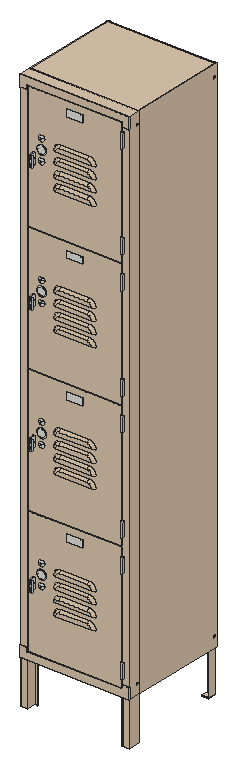
Revit family "Metal_Lockers-Salsbury_Industries-54000_Series-1_Wide_Units", category Specialty Equipment, Revit 2016
Family settings
  Part Type = Normal
  Round Connector Dimension = Use Diameter
  OmniClass Number = 23.40.00.00
  OmniClass Title = Equipment and Furnishings
  Work Plane-Based = No
  Always vertical = Yes
  Cut with Voids When Loaded = No
  Shared = No
  Room Calculation Point = No
Parameters (values of type "54165 - with Standard 6" High Legs")
  Zee Base Corner - Right Side [instance] = Metal Locker Zee Base Corner : None
  Zee Base Corner - Left Side [instance] = Metal Locker Zee Base Corner : None
  Zee Base - Right Side [instance] = Metal Locker Zee Base-Right Side : None
  Zee Base - Left Side [instance] = Metal Locker Zee Base-Left Side : None
  Zee Base = Metal Locker Zee Base : None
  Width = 15.040"
  Version = "2.0 (02/28/18)"
  Unit Height including Sloping Hood Only [instance] = 80.682"
  Unit Height = 72.000"
  URL = "www.lockers.com"
  Type Comments = "15\" Wide Standard Metal Locker - Four Tier"
  Total Door(s) Height [instance] = 69.81949"
  Sloping Top In-Line Filler - Right Side [instance] = Metal Locker Sloping Top Filler : None
  Sloping Top In-Line Filler - Left Side [instance] = Metal Locker Sloping Top Filler : None
  Sloping Top Corner Filler - Right Side [instance] = Metal Locker Sloping Corner Filler : None
  Sloping Top Corner Filler - Left Side [instance] = Metal Locker Sloping Corner Filler : None
  Sloping Hood Height = if(Depth = 15.010", 8.682", if(Depth = 18.010", 10.739", 0.000"))  # 8.682"
  Sloping Hood [instance] = Metal Locker Sloping Hood : None
  Right Side Base [instance] = Metal Locker Right Side Base : None
  Primary Structure Material [instance] = Steel - Salsbury Finish = Tan
  Overall Width including Rivets [instance] = 15.120"
  Unit Height including Base Only [instance] = 78.000"
  Overall Unit Height (including Base and Sloping Hood) [instance] = 86.682"
  OmniClass 23 Title = "Equipment and Furnishings"
  OmniClass 23 Number = "23.40.00.00"
  Model = "54165"
  MasterFormat Title = "Lockers"
  MasterFormat Number = "10 51 13"
  Manufacturer = "Salsbury Industries"
  Left Side Base [instance] = Metal Locker Left Side Base : None
  Individual Door Height = 17.360"
  Hasp Plate Rivet Material = Steel -Salsbury Finish - Polished Steel
  Hasp Handle Material = Plastic - Salsbury Finish - Black
  Front Vertical Filler - Right [instance] = Metal Locker Front Filler : None
  Front Vertical Filler - Left [instance] = Metal Locker Front Filler : None
  Front Base [instance] = Metal Locker Front Base : None
  Flat Top In-Line Filler - Right Side [instance] = Metal Locker Flat Top Filler : None
  Flat Top In-Line Filler - Left Side [instance] = Metal Locker Flat Top Filler : None
  Flat Top Corner Filler - Right Side [instance] = Metal Locker Flat Corner Filler : None
  Flat Top Corner Filler - Left Side [instance] = Metal Locker Flat Corner Filler : None
  Individual Door Width [instance] = 12.90055"
  End Panel - Right Side [instance] = Metal Locker End Panel : None
  End Panel - Left Side [instance] = Metal Locker End Panel : None
  Door Location D1 = Metal Locker Doors-15 inch with Latch Hasps : Four Tier Door - 6 foot
  Description = "1 Wide - 6 Feet High - 15 Inches Deep"
  Depth = 15.010"
  Compartment Divider Height = Individual Door Height - 0.375"  # 16.985"
  Base Height = 6.000"
  Standard Leg Base = Metal Locker Legs : 6" High - 15"W x 15"D
  Assembly Code = "C1030310"
Reference planes (in)
  plane 1 "Center (Front/Back)": y = 0
  plane 2: z = 0
  plane 3 "Center (Left/Right)": x = 0
  plane 4 "Floor": z = 0
  plane 5 "Bottom of Unit": z = 6
  plane 6 "Top of Unit": z = 78
  plane 7 "Left Side of Unit": x = -7.52
  plane 8 "Right Side of Unit": x = 7.52
  plane 9 "Back of Unit": y = 7.505
  plane 10 "Front of Unit": y = -7.505
  plane 11 "Top of Sloping Hood": z = 86.682
  plane 12 "Left Rivet": x = -7.56
  plane 13 "Right Rivet": x = 7.56
  plane 14 "Right Side of Door Opening": x = 6.52
  plane 15 "Left Side of Door Opening": x = -6.52
  plane 16 "Top of Door Opening": z = 77
  plane 17 "Bottom of Door Opening": z = 7
  plane 18 "Back Edge of Front Facing": y = -5.917
  plane 19 "Front Plate Plane": y = -7.565
  plane 20 "Horizontal Center of Top Rivets": z = 76.5
  plane 21 "Horiz Center of Bottom Rivets": z = 7.5
  plane 22 "Vertical Center of Back Rivets": y = 7.005
  plane 23 "Vertical Center of Front Rivets": y = -6.255
  plane 24 "Right Align Top Filler Overlap": x = 6.935
  plane 25 "Left Align Top Filler Overlap": x = -6.935
  plane 26 "Corner Filler Align-Left": x = -7.58
  plane 27 "Corner Filler Align-Right": x = 7.58
  plane 28 "Left Side of Door": x = -6.45029
  plane 29 "Right Side of Door": x = 6.45026
  plane 30 "Top of Door 1": z = 76.90976
  plane 31 "Bottom of Bottom Door": z = 7.09027
  plane 32 "Zee Base Offset": x = -7.169
  plane 33: x = 7.169
  plane 34 "Compartment Align 3": z = 24.985
  plane 35: x = -7.46
  plane 36: x = 7.46
  plane 37: x = -7.135
  plane 38: x = 7.135
  plane 39: y = 7.445
  plane 40: y = 7.395
  plane 41: y = 6.645
  plane 42: x = -7.4
  plane 43: x = 7.4
  plane 44: x = -6.595
  plane 45: x = 6.595
  plane 46: z = 77.94
  plane 47: z = 24.925
  plane 48: z = 23.985
  plane 49: z = 6.9204
  plane 50: z = 6.18539
  plane 51: z = 76.40796
  plane 52: z = 7.59204
  plane 53: z = 23.985
  plane 54: z = 24.45027
  plane 55: z = 24.57576
  plane 56: z = 41.93576
  plane 57: z = 42.06276
  plane 58: z = 41.43527
  plane 59: z = 42.37527
  plane 60 "Compartment Align 2": z = 42.43527
  plane 61: z = 53.72076
  plane 62: z = 59.42276
  plane 63: z = 59.54976
  plane 64: z = 58.92076
  plane 65: z = 59.86076
  plane 66 "Compartment Align 1": z = 59.92076
  plane 67: z = 71.20625
Forms (in)
  Sweep 1, solid, material "Steel - Salsbury Finish = Tan" <- "Primary Structure Material"
    path origin (0, -7.505, 0) x (1, 0, 0) y (0, 0, 1)
      loop
        line (-7.52, 78) -> (-7.52, 6) -> (7.52, 6) -> (7.52, 78) -> (-7.52, 78)
    profile origin (0, -7.505, 78) x (0, 0, 1) y (0, -1, 0)
      loop
        line (0, 0) -> (-1, 0) -> (-1, -1.588) -> (0, -1.588) -> (0, 0)
  Extrusion 2, solid, material "Steel - Salsbury Finish = Tan" <- "Primary Structure Material"
    sketch origin (0, 0, 6) x (0, -1, 0) y (1, 0, 0)
      loop
        line (5.917, 7.52) -> (-7.505, 7.52) -> (-7.505, 7.135) -> (-7.445, 7.135) -> (-7.445, 7.46) -> (5.917, 7.46) -> (5.917, 7.52)
    from 0 to 72
  Extrusion 3, solid, material "Steel - Salsbury Finish = Tan" <- "Primary Structure Material"
    sketch origin (0, 0, 6) x (0, -1, 0) y (1, 0, 0)
      loop
        line (5.917, -7.52) -> (5.917, -7.46) -> (-7.445, -7.46) -> (-7.445, -7.135) -> (-7.505, -7.135) -> (-7.505, -7.52) -> (5.917, -7.52)
    from 0 to 72
  Extrusion 4, solid, material "Steel - Salsbury Finish = Tan" <- "Primary Structure Material"
    sketch origin (0, 0, 6) x (0, -1, 0) y (1, 0, 0)
      loop
        line (-7.445, -7.46) -> (-6.645, -7.46) -> (-6.645, -7.4) -> (-7.395, -7.4) -> (-7.395, 7.4) -> (-6.645, 7.4) -> (-6.645, 7.46) -> (-7.445, 7.46) -> (-7.445, -7.46)
    from 0 to 72
  Sweep 5, solid, material "Steel - Salsbury Finish = Tan" <- "Primary Structure Material"
    path origin (0, 0, 7) x (0, -1, 0) y (1, 0, 0)
      loop
        line (5.917, -7.46) -> (5.917, 7.46) -> (-6.645, 7.46) -> (-6.645, 7.4) -> (-7.395, 7.4) -> (-7.395, -7.4) -> (-6.645, -7.4) -> (-6.645, -7.46) -> (5.917, -7.46)
    profile origin (-7.46, 0.364, 7) x (-1, 0, 0) y (0, 0, 1)
      loop
        line (0, -0.81461) -> (0, -0.0796) -> (-0.06, -0.0796) -> (-0.06, -0.81461) -> (0, -0.81461)
  Extrusion 6, solid, material "Steel - Salsbury Finish = Tan" <- "Primary Structure Material"
    sketch origin (0, 0, 7) x (0, -1, 0) y (1, 0, 0)
      loop
        line (-7.395, -7.4) -> (-6.645, -7.4) -> (-6.645, -7.46) -> (5.917, -7.46) -> (5.917, 7.46) -> (-6.645, 7.46) -> (-6.645, 7.4) -> (-7.395, 7.4) -> (-7.395, -7.4)
    from -0.0796 to 0
  Extrusion 7, solid, material "Steel - Salsbury Finish = Tan" <- "Primary Structure Material"
    sketch origin (0, 0, 78) x (0, -1, 0) y (1, 0, 0)
      loop
        line (-7.395, -7.4) -> (-6.645, -7.4) -> (-6.645, -7.46) -> (5.917, -7.46) -> (5.917, 7.46) -> (-6.645, 7.46) -> (-6.645, 7.4) -> (-7.395, 7.4) -> (-7.395, -7.4)
    from -0.06 to 0
  Extrusion 8, solid, material "Steel - Salsbury Finish = Tan" <- "Primary Structure Material"
    sketch origin (0, -7.565, 0) x (0, 0, -1) y (1, 0, 0)
      loop
        line (-78, -7.52) -> (-76.47656, -7.52)
        arc (-76.47656, -7.52) -> (-76.42806, -7.49991) -> (-76.40796, -7.4514) r 0.0686
        line (-76.40796, -7.4514) -> (-76.40796, -6.66351)
        arc (-76.40796, -6.66351) -> (-76.42809, -6.61506) -> (-76.47656, -6.595) r 0.0686
        line (-76.47656, -6.595) -> (-77, -6.595) -> (-77, 6.595) -> (-76.47656, 6.595)
        arc (-76.47656, 6.595) -> (-76.42809, 6.61506) -> (-76.40796, 6.66351) r 0.0686
        line (-76.40796, 6.66351) -> (-76.40796, 7.4514)
        arc (-76.40796, 7.4514) -> (-76.42806, 7.49991) -> (-76.47656, 7.52) r 0.0686
        line (-76.47656, 7.52) -> (-78, 7.52) -> (-78, -7.52)
    from -0.06 to 0
  Extrusion 9, solid, material "Steel - Salsbury Finish = Tan" <- "Primary Structure Material"
    sketch origin (0, -7.565, 84) x (0, 0, 1) y (-1, 0, 0)
      loop
        line (-78, 7.52) -> (-78, -7.52) -> (-76.47656, -7.52)
        arc (-76.47656, -7.52) -> (-76.42806, -7.49991) -> (-76.40796, -7.4514) r 0.0686
        line (-76.40796, -7.4514) -> (-76.40796, -6.66351)
        arc (-76.40796, -6.66351) -> (-76.42809, -6.61506) -> (-76.47656, -6.595) r 0.0686
        line (-76.47656, -6.595) -> (-77, -6.595) -> (-77, 6.595) -> (-76.47656, 6.595)
        arc (-76.47656, 6.595) -> (-76.42809, 6.61506) -> (-76.40796, 6.66351) r 0.0686
        line (-76.40796, 6.66351) -> (-76.40796, 7.4514)
        arc (-76.40796, 7.4514) -> (-76.42806, 7.49991) -> (-76.47656, 7.52) r 0.0686
        line (-76.47656, 7.52) -> (-78, 7.52)
    from -0.06 to 0
  Blend 10, solid, material "Steel -Salsbury Finish - Polished Steel" <- "Hasp Plate Rivet Material"
    base sketch origin (7.52, 0, 0) x (0, 0, -1) y (0, -1, 0)
      loop
        circle (-76.5, 6.255) r 0.187
    top sketch origin (7.52, 0, 0) x (0, 0, -1) y (0, -1, 0)
      loop
        circle (-76.5, 6.255) r 0.05319
    from 0 to -0.04
  Blend 11, solid, material "Steel -Salsbury Finish - Polished Steel" <- "Hasp Plate Rivet Material"
    base sketch origin (7.52, 0, -69) x (0, 0, -1) y (0, -1, 0)
      loop
        circle (-76.5, 6.255) r 0.187
    top sketch origin (7.52, 0, -69) x (0, 0, -1) y (0, -1, 0)
      loop
        circle (-76.5, 6.255) r 0.05319
    from 0 to -0.04
  Blend 12, solid, material "Steel -Salsbury Finish - Polished Steel" <- "Hasp Plate Rivet Material"
    base sketch origin (7.52, 10.26, -69) x (0, 0, -1) y (0, -1, 0)
      loop
        circle (-76.5, 3.255) r 0.187
    top sketch origin (7.52, 10.26, -69) x (0, 0, -1) y (0, -1, 0)
      loop
        circle (-76.5, 3.255) r 0.05319
    from 0 to -0.04
  Blend 13, solid, material "Steel -Salsbury Finish - Polished Steel" <- "Hasp Plate Rivet Material"
    base sketch origin (7.52, 10.26, 0.0043) x (0, 0, -1) y (0, -1, 0)
      loop
        circle (-76.5, 3.255) r 0.187
    top sketch origin (7.52, 10.26, 0.0043) x (0, 0, -1) y (0, -1, 0)
      loop
        circle (-76.5, 3.255) r 0.05319
    from 0 to -0.04
  Blend 14, solid, material "Steel -Salsbury Finish - Polished Steel" <- "Hasp Plate Rivet Material"
    base sketch origin (-6.02, 0, -69) x (0, 0, -1) y (0, 1, 0)
      loop
        circle (-76.5, -6.255) r 0.187
    top sketch origin (-6.02, 0, -69) x (0, 0, -1) y (0, 1, 0)
      loop
        circle (-76.5, -6.255) r 0.05319
    from -1.5 to -1.54
  Blend 15, solid, material "Steel -Salsbury Finish - Polished Steel" <- "Hasp Plate Rivet Material"
    base sketch origin (-6.02, 10.26, -69) x (0, 0, -1) y (0, 1, 0)
      loop
        circle (-76.5, -3.255) r 0.187
    top sketch origin (-6.02, 10.26, -69) x (0, 0, -1) y (0, 1, 0)
      loop
        circle (-76.5, -3.255) r 0.05319
    from -1.5 to -1.54
  Blend 16, solid, material "Steel -Salsbury Finish - Polished Steel" <- "Hasp Plate Rivet Material"
    base sketch origin (-6.02, 0, 0) x (0, 0, -1) y (0, 1, 0)
      loop
        circle (-76.5, -6.255) r 0.187
    top sketch origin (-6.02, 0, 0) x (0, 0, -1) y (0, 1, 0)
      loop
        circle (-76.5, -6.255) r 0.05319
    from -1.5 to -1.54
  Blend 17, solid, material "Steel -Salsbury Finish - Polished Steel" <- "Hasp Plate Rivet Material"
    base sketch origin (-6.02, 10.26, 0.00039) x (0, 0, -1) y (0, 1, 0)
      loop
        circle (-76.5, -3.255) r 0.187
    top sketch origin (-6.02, 10.26, 0.00039) x (0, 0, -1) y (0, 1, 0)
      loop
        circle (-76.5, -3.255) r 0.05319
    from -1.5 to -1.54
  Extrusion 18, solid, material "Steel - Salsbury Finish = Tan" <- "Primary Structure Material"
    sketch origin (0, 0, 24.985) x (0, -1, 0) y (1, 0, 0)
      loop
        line (-7.395, -7.4) -> (-6.645, -7.4) -> (-6.645, -7.46) -> (5.917, -7.46) -> (5.917, 7.46) -> (-6.645, 7.46) -> (-6.645, 7.4) -> (-7.395, 7.4) -> (-7.395, -7.4)
    from -0.06 to 0
  Sweep 19, solid, material "Steel - Salsbury Finish = Tan" <- "Primary Structure Material"
    path origin (0, 0, 24.985) x (0, -1, 0) y (1, 0, 0)
      loop
        line (5.917, -7.46) -> (5.917, 7.46) -> (-6.645, 7.46) -> (-6.645, 7.4) -> (-7.395, 7.4) -> (-7.395, -7.4) -> (-6.645, -7.4) -> (-6.645, -7.46) -> (5.917, -7.46)
    profile origin (-7.46, 0.364, 24.985) x (-1, 0, 0) y (0, 0, 1)
      loop
        line (0, -1) -> (0, -0.06) -> (-0.06, -0.06) -> (-0.06, -1) -> (0, -1)
  Extrusion 20, solid, material "Steel - Salsbury Finish = Tan" <- "Primary Structure Material"
    sketch origin (0, 0, 54.72076) x (0, -1, 0) y (1, 0, 0)
      loop
        line (-7.395, -7.4) -> (-6.645, -7.4) -> (-6.645, -7.46) -> (5.917, -7.46) -> (5.917, 7.46) -> (-6.645, 7.46) -> (-6.645, 7.4) -> (-7.395, 7.4) -> (-7.395, -7.4)
    from -12.34549 to -12.28549
  Sweep 21, solid, material "Steel - Salsbury Finish = Tan" <- "Primary Structure Material"
    path origin (0, 0, 42.43527) x (0, -1, 0) y (1, 0, 0)
      loop
        line (5.917, -7.46) -> (5.917, 7.46) -> (-6.645, 7.46) -> (-6.645, 7.4) -> (-7.395, 7.4) -> (-7.395, -7.4) -> (-6.645, -7.4) -> (-6.645, -7.46) -> (5.917, -7.46)
    profile origin (-7.46, 0.364, 42.43527) x (-1, 0, 0) y (0, 0, 1)
      loop
        line (0, -1) -> (0, -0.06) -> (-0.06, -0.06) -> (-0.06, -1) -> (0, -1)
  Extrusion 22, solid, material "Steel - Salsbury Finish = Tan" <- "Primary Structure Material"
    sketch origin (0, 0, 59.92076) x (0, -1, 0) y (1, 0, 0)
      loop
        line (-7.395, -7.4) -> (-6.645, -7.4) -> (-6.645, -7.46) -> (5.917, -7.46) -> (5.917, 7.46) -> (-6.645, 7.46) -> (-6.645, 7.4) -> (-7.395, 7.4) -> (-7.395, -7.4)
    from -0.06 to 0
  Sweep 23, solid, material "Steel - Salsbury Finish = Tan" <- "Primary Structure Material"
    path origin (0, 0, 59.92076) x (0, -1, 0) y (1, 0, 0)
      loop
        line (5.917, -7.46) -> (5.917, 7.46) -> (-6.645, 7.46) -> (-6.645, 7.4) -> (-7.395, 7.4) -> (-7.395, -7.4) -> (-6.645, -7.4) -> (-6.645, -7.46) -> (5.917, -7.46)
    profile origin (-7.46, 0.364, 59.92076) x (-1, 0, 0) y (0, 0, 1)
      loop
        line (0, -1) -> (0, -0.06) -> (-0.06, -0.06) -> (-0.06, -1) -> (0, -1)
Lines and regions (in)
  reference lines
    curve 1: line (-31.09242, -7.565, 78) -> (37.65758, -7.565, 78)
  symbolic lines
    curve 2: line (-7.52, 7.505, 78) -> (7.52, 7.505, 78)
    curve 3: line (-7.52, -7.565, 78) -> (-7.52, 7.505, 78)
    curve 4: line (7.52, -7.565, 78) -> (-7.52, -7.565, 78)
    curve 5: line (7.52, 7.505, 78) -> (7.52, -7.565, 78)
    curve 6: line (-7.56, -6.30819, 78) -> (-7.52, -6.442, 78)
    curve 7: line (-7.52, -6.068, 78) -> (-7.56, -6.20181, 78)
    curve 8: line (-7.56, -6.30819, 78) -> (-7.56, -6.20181, 78)
    curve 9: line (-7.56, 6.95181, 78) -> (-7.52, 6.81077, 78)
    curve 10: line (-7.56, 7.05819, 78) -> (-7.52, 7.18474, 78)
    curve 11: line (-7.56, 7.05819, 78) -> (-7.56, 6.95181, 78)
    curve 12: line (7.56, 7.05819, 78) -> (7.52, 7.20747, 78)
    curve 13: line (7.56, 6.95181, 78) -> (7.52, 6.8179, 78)
    curve 14: line (7.56, 7.05819, 78) -> (7.56, 6.95181, 78)
    curve 15: line (7.56, -6.20181, 78) -> (7.52, -6.07098, 78)
    curve 16: line (7.56, -6.30819, 78) -> (7.52, -6.44769, 78)
    curve 17: line (7.56, -6.20181, 78) -> (7.56, -6.30819, 78)
Dimensions and locks (in)
  equal spacing: plane 7 "Left Side of Unit", plane 3 "Center (Left/Right)", plane 8 "Right Side of Unit"
  "Width": plane 7 "Left Side of Unit" to plane 8 "Right Side of Unit"
  "Base Height": plane 5 "Bottom of Unit" to plane 4 "Floor"
  "Unit Height": plane 6 "Top of Unit" to plane 5 "Bottom of Unit"
  "Unit Height including Base Only": plane 6 "Top of Unit" to plane 4 "Floor"
  equal spacing: plane 10 "Front of Unit", plane 1 "Center (Front/Back)", plane 9 "Back of Unit"
  "Depth": plane 10 "Front of Unit" to plane 9 "Back of Unit"
  "Sloping Hood Height": plane 11 "Top of Sloping Hood" to plane 6 "Top of Unit"
  "Overall Unit Height (including Base and Sloping Hood)": plane 11 "Top of Sloping Hood" to plane 4 "Floor"
  locked: plane 12 "Left Rivet" to plane 7 "Left Side of Unit" at 0.04
  locked: plane 8 "Right Side of Unit" to plane 13 "Right Rivet" at 0.04
  "Overall Width including Rivets": plane 12 "Left Rivet" to plane 13 "Right Rivet"
  plane 6 "Top of Unit" to plane 16 "Top of Door Opening" to plane 30 "Top of Door 1" to plane 51 = 1.000" locked, 0.09024", 0.5018"
  plane 52 to plane 31 "Bottom of Bottom Door" to plane 17 "Bottom of Door Opening" to plane 5 "Bottom of Unit" = 0.50177", 0.09027", 1.000" locked
  plane 7 "Left Side of Unit" to plane 15 "Left Side of Door Opening" to plane 28 "Left Side of Door" = 1.000" locked, 0.06971"
  plane 29 "Right Side of Door" to plane 14 "Right Side of Door Opening" to plane 8 "Right Side of Unit" = 0.06974", 1.000" locked
  plane 19 "Front Plate Plane" to plane 10 "Front of Unit" to plane 18 "Back Edge of Front Facing" = 0.060" locked, 1.588" locked
  "Unit Height including Sloping Hood Only": plane 11 "Top of Sloping Hood" to plane 5 "Bottom of Unit"
  locked: plane 20 "Horizontal Center of Top Rivets" to plane 6 "Top of Unit" at 1.5
  locked: plane 5 "Bottom of Unit" to plane 21 "Horiz Center of Bottom Rivets" at 1.5
  locked: plane 22 "Vertical Center of Back Rivets" to plane 9 "Back of Unit" at 0.5
  locked: plane 10 "Front of Unit" to plane 23 "Vertical Center of Front Rivets" at 1.25
  locked: plane 24 "Right Align Top Filler Overlap" to plane 13 "Right Rivet" at 0.625
  locked: plane 12 "Left Rivet" to plane 25 "Left Align Top Filler Overlap" at 0.625
  locked: plane 8 "Right Side of Unit" to plane 27 "Corner Filler Align-Right" at 0.06
  locked: plane 26 "Corner Filler Align-Left" to plane 7 "Left Side of Unit" at 0.06
  "Individual Door Width": plane 28 "Left Side of Door" to plane 29 "Right Side of Door"
  "Total Door(s) Height": plane 30 "Top of Door 1" to plane 31 "Bottom of Bottom Door"
  plane 7 "Left Side of Unit" to plane 32 "Zee Base Offset" = 0.351"
  plane 33 to plane 8 "Right Side of Unit" = 0.351"
  plane 34 "Compartment Align 3" to plane 47 to plane 53 = 0.060" locked, 0.940" locked
  plane 7 "Left Side of Unit" to plane 35 to plane 42 to plane 37 = 0.060" locked, 0.060" locked, 0.265" locked
  plane 38 to plane 43 to plane 36 to plane 8 "Right Side of Unit" = 0.265" locked, 0.060", 0.060"
  plane 41 to plane 40 to plane 39 to plane 9 "Back of Unit" = 0.750" locked, 0.050", 0.060"
  locked: plane 7 "Left Side of Unit" to plane 44 at 0.925
  locked: plane 45 to plane 8 "Right Side of Unit" at 0.925
  locked: plane 6 "Top of Unit" to plane 46 at 0.06
  plane 47 to plane 48 = 0.940"
  locked: plane 17 "Bottom of Door Opening" to plane 49 at 0.0796
  plane 49 to plane 50 = 0.73501"
  "Compartment Divider Height": plane 53 to plane 17 "Bottom of Door Opening"
  "Individual Door Height": plane 54 to plane 31 "Bottom of Bottom Door"
  locked: plane 55 to plane 54 at 0.12549
  locked: plane 57 to plane 56 at 0.127
  "Individual Door Height": plane 56 to plane 55
  plane 60 "Compartment Align 2" to plane 59 to plane 58 = 0.060" locked, 0.940" locked
  locked: plane 63 to plane 62 at 0.127
  "Individual Door Height": plane 62 to plane 57
  "Compartment Divider Height": plane 58 to plane 54
  "Compartment Divider Height": plane 64 to plane 56
  plane 66 "Compartment Align 1" to plane 65 to plane 64 = 0.060", 0.940"
  aligned and locked: level to plane 2
  aligned and locked: Extrusion 2 to plane 6 "Top of Unit"
  aligned and locked: Extrusion 3 to plane 6 "Top of Unit"
  aligned and locked: Extrusion 4 to plane 6 "Top of Unit"
  aligned and locked: Extrusion 8 to plane 10 "Front of Unit"
  aligned and locked: Extrusion 9 to plane 10 "Front of Unit"
  aligned and locked: Extrusion 6 to plane 17 "Bottom of Door Opening"
  aligned and locked: plane 4 "Floor" to nested 2
  aligned and locked: plane 5 "Bottom of Unit" to Extrusion 9
  aligned and locked: plane 8 "Right Side of Unit" to nested 6
  aligned and locked: plane 7 "Left Side of Unit" to nested 7
  aligned and locked: Blend 10 to plane 13 "Right Rivet"
  aligned and locked: plane 8 "Right Side of Unit" to Blend 10
  aligned and locked: Blend 15 to plane 7 "Left Side of Unit"
  aligned and locked: Blend 14 to plane 7 "Left Side of Unit"  (x2)
  aligned and locked: plane 12 "Left Rivet" to Blend 14
  aligned and locked: plane 12 "Left Rivet" to Blend 15
  aligned and locked: Blend 14 to plane 12 "Left Rivet"
  aligned and locked: Blend 17 to plane 7 "Left Side of Unit"
  aligned and locked: plane 12 "Left Rivet" to Blend 17
  aligned and locked: Blend 16 to plane 7 "Left Side of Unit"
  aligned and locked: plane 12 "Left Rivet" to Blend 16
  aligned and locked: plane 5 "Bottom of Unit" to nested 10
  aligned and locked: plane 13 "Right Rivet" to nested 10
  aligned and locked: plane 12 "Left Rivet" to nested 11
  aligned and locked: nested 11 to plane 10 "Front of Unit"
  aligned and locked: plane 13 "Right Rivet" to nested 12
  aligned and locked: plane 10 "Front of Unit" to nested 12
  aligned and locked: plane 6 "Top of Unit" to nested 12
  aligned and locked: plane 12 "Left Rivet" to nested 13
  aligned and locked: plane 10 "Front of Unit" to nested 13
  aligned and locked: plane 6 "Top of Unit" to nested 13
  aligned and locked: plane 6 "Top of Unit" to nested 14
  aligned and locked: nested 14 to plane 19 "Front Plate Plane"
  aligned and locked: nested 14 to plane 24 "Right Align Top Filler Overlap"
  aligned and locked: nested 15 to plane 25 "Left Align Top Filler Overlap"
  aligned and locked: nested 15 to plane 19 "Front Plate Plane"
  aligned and locked: nested 10 to nested 15
  aligned and locked: plane 19 "Front Plate Plane" to nested 16
  aligned and locked: plane 6 "Top of Unit" to nested 16
  aligned and locked: nested 17 to plane 6 "Top of Unit"
  aligned and locked: nested 17 to plane 19 "Front Plate Plane"
  aligned and locked: plane 19 "Front Plate Plane" to nested 18
  aligned and locked: nested 19 to plane 24 "Right Align Top Filler Overlap"
  aligned and locked: nested 19 to plane 19 "Front Plate Plane"
  aligned and locked: plane 16 "Top of Door Opening" to nested 19
  aligned and locked: nested 20 to plane 16 "Top of Door Opening"
  aligned and locked: nested 20 to plane 25 "Left Align Top Filler Overlap"
  aligned and locked: nested 20 to plane 19 "Front Plate Plane"
  aligned and locked: nested 11 to plane 6 "Top of Unit"
  aligned and locked: plane 10 "Front of Unit" to nested 10
  aligned and locked: plane 10 "Front of Unit" to nested 23
  aligned and locked: plane 10 "Front of Unit" to nested 1
  aligned and locked: plane 10 "Front of Unit" to nested 2
  aligned and locked: plane 6 "Top of Unit" to nested 18
  aligned and locked: plane 7 "Left Side of Unit" to nested 17
  aligned and locked: plane 32 "Zee Base Offset" to nested 9
  aligned and locked: plane 18 "Back Edge of Front Facing" to nested 9
  aligned and locked: nested 8 to plane 18 "Back Edge of Front Facing"
  aligned and locked: plane 33 to nested 8
  aligned and locked: nested 22 to curve 1
  aligned and locked: nested 21 to curve 1
  aligned and locked: Sweep 19 sketch curve to Extrusion 18
  aligned and locked: plane 7 "Left Side of Unit" to Extrusion 3
  aligned and locked: Extrusion 3 to plane 9 "Back of Unit"
  aligned and locked: Extrusion 2 to plane 8 "Right Side of Unit"
  aligned and locked: Extrusion 2 to plane 9 "Back of Unit"
  aligned and locked: plane 18 "Back Edge of Front Facing" to Extrusion 3
  aligned and locked: plane 18 "Back Edge of Front Facing" to Extrusion 2
  aligned and locked: plane 35 to Extrusion 3
  aligned and locked: Extrusion 2 to plane 36
  aligned and locked: plane 37 to Extrusion 3
  aligned and locked: plane 38 to Extrusion 2
  aligned and locked: Extrusion 3 to plane 39
  aligned and locked: plane 39 to Extrusion 2
  aligned and locked: Extrusion 4 to plane 39
  aligned and locked: Extrusion 4 to plane 40
  aligned and locked: Extrusion 4 to plane 35
  aligned and locked: Extrusion 4 to plane 41
  aligned and locked: plane 41 to Extrusion 4
  aligned and locked: plane 42 to Extrusion 4
  aligned and locked: plane 43 to Extrusion 4
  aligned and locked: Extrusion 7 to plane 40
  aligned and locked: plane 42 to Extrusion 7
  aligned and locked: plane 35 to Extrusion 7  (x2)
  aligned and locked: plane 41 to Extrusion 7
  aligned and locked: Extrusion 7 to plane 43
  aligned and locked: Extrusion 7 to plane 41
  aligned and locked: Extrusion 7 to plane 36  (x2)
  aligned and locked: plane 18 "Back Edge of Front Facing" to Extrusion 7
  aligned and locked: plane 18 "Back Edge of Front Facing" to Extrusion 6
  aligned and locked: Extrusion 6 to plane 40
  aligned and locked: Extrusion 6 to plane 43
  aligned and locked: Extrusion 6 to plane 41
  aligned and locked: Extrusion 6 to plane 36
  aligned and locked: plane 42 to Extrusion 6
  aligned and locked: plane 41 to Extrusion 6
  aligned and locked: plane 35 to Extrusion 6
  aligned and locked: Sweep 5 to plane 40
  aligned and locked: Sweep 5 to plane 41
  aligned and locked: Sweep 5 to plane 43
  aligned and locked: Sweep 5 to plane 36
  aligned and locked: plane 18 "Back Edge of Front Facing" to Sweep 5
  aligned and locked: plane 35 to Sweep 5
  aligned and locked: plane 41 to Sweep 5
  aligned and locked: plane 42 to Sweep 5
  aligned and locked: Sweep 5 sketch curve to plane 42
  aligned and locked: Sweep 5 sketch curve to plane 40
  aligned and locked: Sweep 5 sketch curve to plane 41
  aligned and locked: Sweep 5 sketch curve to plane 35  (x2)
  aligned and locked: plane 43 to Sweep 5 sketch curve
  aligned and locked: plane 41 to Sweep 5 sketch curve
  aligned and locked: plane 36 to Sweep 5 sketch curve
  aligned and locked: Sweep 5 sketch curve to plane 18 "Back Edge of Front Facing"
  aligned and locked: Extrusion 18 to plane 40
  aligned and locked: Extrusion 18 to plane 43
  aligned and locked: Extrusion 18 to plane 41
  aligned and locked: Extrusion 18 to plane 36
  aligned and locked: plane 18 "Back Edge of Front Facing" to Extrusion 18
  aligned and locked: plane 35 to Extrusion 18
  aligned and locked: plane 41 to Extrusion 18
  aligned and locked: plane 42 to Extrusion 18
  aligned and locked: Sweep 19 sketch curve to plane 40
  aligned and locked: plane 43 to Sweep 19 sketch curve
  aligned and locked: plane 41 to Sweep 19 sketch curve
  aligned and locked: plane 36 to Sweep 19 sketch curve
  aligned and locked: Sweep 19 sketch curve to plane 18 "Back Edge of Front Facing"
  aligned and locked: Sweep 19 sketch curve to plane 35  (x2)
  aligned and locked: Sweep 19 sketch curve to plane 41
  aligned and locked: Sweep 19 sketch curve to plane 42
  aligned and locked: plane 6 "Top of Unit" to Sweep 1 sketch curve  (x2)
  aligned and locked: Sweep 1 sketch curve to plane 7 "Left Side of Unit"
  aligned and locked: plane 8 "Right Side of Unit" to Sweep 1 sketch curve
  aligned and locked: Sweep 1 sketch curve to plane 5 "Bottom of Unit"
  aligned and locked: plane 10 "Front of Unit" to Sweep 1
  aligned and locked: Extrusion 8 to plane 19 "Front Plate Plane"
  aligned and locked: plane 10 "Front of Unit" to Extrusion 8
  aligned and locked: Extrusion 8 to plane 8 "Right Side of Unit"
  aligned and locked: plane 7 "Left Side of Unit" to Extrusion 8
  aligned and locked: plane 7 "Left Side of Unit" to Extrusion 9
  aligned and locked: plane 19 "Front Plate Plane" to Extrusion 9
  aligned and locked: Extrusion 9 to plane 8 "Right Side of Unit"
  aligned and locked: plane 44 to Extrusion 9
  aligned and locked: plane 45 to Extrusion 9
  aligned and locked: plane 45 to Extrusion 8
  aligned and locked: Extrusion 8 to plane 44
  aligned and locked: plane 29 "Right Side of Door" to nested 23
  aligned and locked: plane 18 "Back Edge of Front Facing" to Sweep 1 sketch curve
  aligned and locked: Sweep 1 sketch curve to plane 16 "Top of Door Opening"
  aligned and locked: Sweep 1 sketch curve to plane 10 "Front of Unit"
  aligned and locked: plane 5 "Bottom of Unit" to Extrusion 4
  aligned and locked: Extrusion 4 to plane 36
  aligned and locked: plane 5 "Bottom of Unit" to Extrusion 3
  aligned and locked: plane 5 "Bottom of Unit" to Extrusion 2
  aligned and locked: Extrusion 7 to plane 6 "Top of Unit"
  aligned and locked: plane 46 to Extrusion 7
  aligned and locked: Extrusion 18 to plane 34 "Compartment Align 3"
  aligned and locked: plane 47 to Extrusion 18
  aligned and locked: plane 42 to Sweep 19 sketch curve
  aligned and locked: plane 48 to Sweep 19 sketch curve
  aligned and locked: plane 49 to Extrusion 6
  aligned and locked: Sweep 5 to plane 49
  aligned and locked: plane 50 to Sweep 5 sketch curve
  aligned and locked: plane 49 to Sweep 5 sketch curve
  aligned and locked: plane 42 to Sweep 5 sketch curve
  aligned and locked: plane 51 to Extrusion 8  (x2)
  aligned and locked: Extrusion 8 to plane 6 "Top of Unit"
  aligned and locked: plane 16 "Top of Door Opening" to Extrusion 8
  aligned and locked: Extrusion 9 to plane 17 "Bottom of Door Opening"
  aligned and locked: plane 52 to Extrusion 9
  aligned and locked: Extrusion 9 to plane 52
  aligned and locked: plane 4 "Floor" to nested 1
  aligned and locked: plane 8 "Right Side of Unit" to nested 1
  aligned and locked: Blend 12 to plane 13 "Right Rivet"
  aligned and locked: plane 8 "Right Side of Unit" to Blend 12
  aligned and locked: plane 8 "Right Side of Unit" to Blend 13
  aligned and locked: Blend 13 to plane 13 "Right Rivet"
  aligned and locked: plane 8 "Right Side of Unit" to Blend 11
  aligned and locked: Blend 11 to plane 13 "Right Rivet"
  aligned and locked: curve 3 to nested 22
  aligned and locked: curve 4 to Extrusion 8
  aligned and locked: curve 5 to Extrusion 8
  aligned and locked: curve 8 to Blend 14
  aligned and locked: curve 11 to Blend 15
  aligned and locked: curve 14 to Blend 12
  aligned and locked: curve 17 to Blend 10
  aligned and locked: plane 53 to Sweep 19
  aligned and locked: nested 23 to plane 31 "Bottom of Bottom Door"
  aligned and locked: plane 55 to nested 24
  aligned and locked: plane 10 "Front of Unit" to nested 24
  aligned and locked: plane 29 "Right Side of Door" to nested 24
  aligned and locked: plane 29 "Right Side of Door" to nested 25
  aligned and locked: nested 25 to plane 57
  aligned and locked: Sweep 21 sketch curve to Extrusion 20
  aligned and locked: Extrusion 20 to plane 60 "Compartment Align 2"
  aligned and locked: plane 59 to Sweep 21
  aligned and locked: Sweep 21 sketch curve to plane 58
  aligned and locked: Extrusion 20 sketch curve to plane 40
  aligned and locked: plane 35 to Extrusion 20 sketch curve
  aligned and locked: plane 42 to Extrusion 20 sketch curve
  aligned and locked: plane 41 to Extrusion 20 sketch curve
  aligned and locked: plane 18 "Back Edge of Front Facing" to Extrusion 20 sketch curve
  aligned and locked: Extrusion 20 sketch curve to plane 36
  aligned and locked: Extrusion 20 sketch curve to plane 43
  aligned and locked: Extrusion 20 sketch curve to plane 41
  aligned and locked: Sweep 21 sketch curve to plane 40
  aligned and locked: Sweep 21 sketch curve to plane 42
  aligned and locked: Sweep 21 sketch curve to plane 35
  aligned and locked: Sweep 21 sketch curve to plane 41
  aligned and locked: Sweep 21 sketch curve to plane 18 "Back Edge of Front Facing"
  aligned and locked: plane 36 to Sweep 21 sketch curve
  aligned and locked: plane 41 to Sweep 21 sketch curve
  aligned and locked: plane 43 to Sweep 21 sketch curve
  aligned and locked: plane 63 to nested 26
  aligned and locked: plane 65 to Extrusion 22
  aligned and locked: Extrusion 22 to plane 66 "Compartment Align 1"
  aligned and locked: Sweep 23 sketch curve to plane 64
  aligned and locked: plane 65 to Sweep 23 sketch curve
  aligned and locked: Sweep 23 sketch curve to plane 35
  aligned and locked: Sweep 23 sketch curve to plane 41
  aligned and locked: Sweep 23 sketch curve to plane 42
  aligned and locked: Sweep 23 sketch curve to plane 40
  aligned and locked: plane 43 to Sweep 23 sketch curve
  aligned and locked: plane 41 to Sweep 23 sketch curve
  aligned and locked: plane 36 to Sweep 23 sketch curve
  aligned and locked: Sweep 23 sketch curve to plane 18 "Back Edge of Front Facing"
  aligned and locked: Extrusion 22 to nested 5  (x2)
  aligned and locked: plane 41 to Extrusion 22
  aligned and locked: Extrusion 22 to Sweep 23  (x2)
  aligned and locked: plane 18 "Back Edge of Front Facing" to Extrusion 22
  aligned and locked: Extrusion 22 to plane 41
  aligned and locked: plane 29 "Right Side of Door" to nested 26
  aligned and locked: plane 10 "Front of Unit" to nested 26
  aligned and locked: plane 10 "Front of Unit" to nested 25
  aligned and locked: plane 9 "Back of Unit" to curve 2
  aligned and locked: Blend 14 to curve 6
  aligned and locked: plane 7 "Left Side of Unit" to nested 22
  aligned and locked: plane 14 "Right Side of Door Opening" to nested 2
  aligned and locked: plane 8 "Right Side of Unit" to nested 16
Automatic sketch dimensions
  Extrusion 2 sketch curve to plane 8 "Right Side of Unit" = 0.000"
  plane 9 "Back of Unit" to Extrusion 2 sketch curve = 0.000"
  Extrusion 2 sketch curve to plane 38 = 0.000"
  plane 39 to Extrusion 2 sketch curve = 0.000"
  plane 18 "Back Edge of Front Facing" to Extrusion 2 sketch curve = 0.000"
  Extrusion 2 sketch curve to plane 36 = 0.000"
  Extrusion 3 sketch curve to plane 7 "Left Side of Unit" = 0.000"
  plane 9 "Back of Unit" to Extrusion 3 sketch curve = 0.000"
  Extrusion 3 sketch curve to plane 37 = 0.000"
  plane 39 to Extrusion 3 sketch curve = 0.000"
  plane 18 "Back Edge of Front Facing" to Extrusion 3 sketch curve = 0.000"
  Extrusion 3 sketch curve to plane 35 = 0.000"
  Extrusion 4 sketch curve to plane 35 = 0.000"
  plane 39 to Extrusion 4 sketch curve = 0.000"
  plane 40 to Extrusion 4 sketch curve = 0.000"
  plane 41 to Extrusion 4 sketch curve = 0.000"  (x2)
  Extrusion 4 sketch curve to plane 42 = 0.000"
  Extrusion 4 sketch curve to plane 43 = 0.000"
  Extrusion 4 sketch curve to plane 36 = 0.000"
  plane 40 to Extrusion 6 sketch curve = 0.000"
  Extrusion 6 sketch curve to plane 35 = 0.000"
  plane 41 to Extrusion 6 sketch curve = 0.000"  (x2)
  plane 18 "Back Edge of Front Facing" to Extrusion 6 sketch curve = 0.000"
  Extrusion 6 sketch curve to plane 42 = 0.000"
  Extrusion 6 sketch curve to plane 43 = 0.000"
  Extrusion 6 sketch curve to plane 36 = 0.000"
  plane 40 to Extrusion 7 sketch curve = 0.000"
  Extrusion 7 sketch curve to plane 35 = 0.000"
  plane 41 to Extrusion 7 sketch curve = 0.000"  (x2)
  plane 18 "Back Edge of Front Facing" to Extrusion 7 sketch curve = 0.000"
  Extrusion 7 sketch curve to plane 42 = 0.000"
  Extrusion 7 sketch curve to plane 43 = 0.000"
  Extrusion 7 sketch curve to plane 36 = 0.000"
  Extrusion 8 sketch curve to plane 6 "Top of Unit" = 0.000"
  Extrusion 8 sketch curve to plane 16 "Top of Door Opening" = 0.000"
  plane 44 to Extrusion 8 sketch curve = 0.000"
  plane 7 "Left Side of Unit" to Extrusion 8 sketch curve = 0.000"
  plane 45 to Extrusion 8 sketch curve = 0.000"
  plane 8 "Right Side of Unit" to Extrusion 8 sketch curve = 0.000"
  Extrusion 8 sketch curve to plane 51 = 0.000"  (x2)
  plane 20 "Horizontal Center of Top Rivets" to Extrusion 8 sketch curve = 0.02344"  (x4)
  Extrusion 8 sketch curve to Extrusion 8 sketch curve = 0.0686"
  Extrusion 8 sketch curve to plane 45 = 0.06851"
  Extrusion 9 sketch curve to plane 5 "Bottom of Unit" = 0.000"
  Extrusion 9 sketch curve to plane 17 "Bottom of Door Opening" = 0.000"
  plane 44 to Extrusion 9 sketch curve = 0.000"
  plane 7 "Left Side of Unit" to Extrusion 9 sketch curve = 0.000"
  plane 45 to Extrusion 9 sketch curve = 0.000"
  plane 8 "Right Side of Unit" to Extrusion 9 sketch curve = 0.000"
  Extrusion 9 sketch curve to plane 52 = 0.000"  (x2)
  plane 21 "Horiz Center of Bottom Rivets" to Extrusion 9 sketch curve = 0.02344"  (x4)
  Extrusion 9 sketch curve to Extrusion 9 sketch curve = 0.0686"
  plane 45 to Extrusion 9 sketch curve = 0.06851"
  plane 20 "Horizontal Center of Top Rivets" to Blend 10 sketch curve = 0.000"  (x2)
  Blend 10 sketch curve to plane 23 "Vertical Center of Front Rivets" = 0.000"  (x2)
  plane 21 "Horiz Center of Bottom Rivets" to Blend 11 sketch curve = 0.000"  (x2)
  Blend 11 sketch curve to plane 23 "Vertical Center of Front Rivets" = 0.000"  (x2)
  plane 21 "Horiz Center of Bottom Rivets" to Blend 12 sketch curve = 0.000"  (x2)
  Blend 12 sketch curve to plane 22 "Vertical Center of Back Rivets" = 0.000"  (x2)
  Blend 13 sketch curve to plane 22 "Vertical Center of Back Rivets" = 0.000"  (x2)
  Blend 13 sketch curve to plane 20 "Horizontal Center of Top Rivets" = 0.0043"  (x2)
  plane 21 "Horiz Center of Bottom Rivets" to Blend 14 sketch curve = 0.000"  (x2)
  Blend 14 sketch curve to plane 23 "Vertical Center of Front Rivets" = 0.000"  (x2)
  plane 21 "Horiz Center of Bottom Rivets" to Blend 15 sketch curve = 0.000"  (x2)
  Blend 15 sketch curve to plane 22 "Vertical Center of Back Rivets" = 0.000"  (x2)
  plane 20 "Horizontal Center of Top Rivets" to Blend 16 sketch curve = 0.000"  (x2)
  Blend 16 sketch curve to plane 23 "Vertical Center of Front Rivets" = 0.000"  (x2)
  Blend 17 sketch curve to plane 22 "Vertical Center of Back Rivets" = 0.000"  (x2)
  Blend 17 sketch curve to plane 20 "Horizontal Center of Top Rivets" = 0.00039"  (x2)
  plane 19 "Front Plate Plane" to curve 1 = 0.000"
  plane 26 "Corner Filler Align-Left" to curve 1 = 23.51242"
  curve 1 to plane 27 "Corner Filler Align-Right" = 30.07758"
  plane 40 to Extrusion 18 sketch curve = 0.000"
  Extrusion 18 sketch curve to plane 35 = 0.000"
  plane 41 to Extrusion 18 sketch curve = 0.000"  (x2)
  plane 18 "Back Edge of Front Facing" to Extrusion 18 sketch curve = 0.000"
  Extrusion 18 sketch curve to plane 42 = 0.000"
  Extrusion 18 sketch curve to plane 43 = 0.000"
  Extrusion 18 sketch curve to plane 36 = 0.000"
  Sweep 21 sketch curve to profile plane = 0.000"
  Sweep 21 sketch curve to Sweep 21 sketch curve = 0.060"
  Sweep 23 sketch curve to profile plane = 0.000"
  Sweep 23 sketch curve to Sweep 23 sketch curve = 0.060"
  plane 40 to Extrusion 22 sketch curve = 0.000"
  Extrusion 22 sketch curve to plane 35 = 0.000"
  plane 41 to Extrusion 22 sketch curve = 0.000"  (x2)
  Extrusion 22 sketch curve to plane 18 "Back Edge of Front Facing" = 0.000"
  Extrusion 22 sketch curve to plane 42 = 0.000"
  plane 43 to Extrusion 22 sketch curve = 0.000"
  plane 36 to Extrusion 22 sketch curve = 0.000"
  curve 11 to plane 22 "Vertical Center of Back Rivets" = 0.05319"
  curve 14 to plane 22 "Vertical Center of Back Rivets" = 0.05319"
  plane 22 "Vertical Center of Back Rivets" to curve 9 = 0.05319"
  plane 22 "Vertical Center of Back Rivets" to curve 13 = 0.05319"
  curve 8 to plane 23 "Vertical Center of Front Rivets" = 0.05319"
  curve 17 to plane 23 "Vertical Center of Front Rivets" = 0.05319"
  plane 23 "Vertical Center of Front Rivets" to curve 8 = 0.05319"
  plane 23 "Vertical Center of Front Rivets" to curve 17 = 0.05319"
  curve 12 to curve 12 = 0.14928"
  curve 10 to plane 22 "Vertical Center of Back Rivets" = 0.17974"
  curve 13 to curve 13 = 0.13391"
  curve 9 to plane 41 = 0.16577"
  curve 7 to curve 7 = 0.13381"
  curve 15 to curve 15 = 0.13083"
  curve 6 to curve 6 = 0.13381"
  curve 16 to curve 16 = 0.1395"
  radius of Blend 10 sketch curve = 0.187"
  radius of Blend 10 sketch curve = 0.05319"
  radius of Blend 11 sketch curve = 0.187"
  radius of Blend 11 sketch curve = 0.05319"
  radius of Blend 12 sketch curve = 0.187"
  radius of Blend 12 sketch curve = 0.05319"
  radius of Blend 13 sketch curve = 0.187"
  radius of Blend 13 sketch curve = 0.05319"
  radius of Blend 14 sketch curve = 0.187"
  radius of Blend 14 sketch curve = 0.05319"
  radius of Blend 15 sketch curve = 0.187"
  radius of Blend 15 sketch curve = 0.05319"
  radius of Blend 16 sketch curve = 0.187"
  radius of Blend 16 sketch curve = 0.05319"
  radius of Blend 17 sketch curve = 0.187"
  radius of Blend 17 sketch curve = 0.05319"
Nested families (in)
  nested 1: "Metal Locker Legs" at (0, 0, 0), type <- "Standard Leg Base", type "6" High - 15"W x 15"D"
  nested 2: "Metal Locker Front Base" at (1.5, -1.5, 0), type <- "Front Base", type "None"
  nested 3: "Metal Locker Right Side Base" at (0, 0.794, 0), type <- "Right Side Base", type "None"
  nested 4: "Metal Locker Left Side Base" at (-10.79, 0.794, 0), type <- "Left Side Base", type "None"
  nested 5: "Metal Locker Zee Base" at (-1.5, 1.5, 0), type <- "Zee Base", type "None"
  nested 6: "Metal Locker Zee Base-Right Side" at (1.53, 0.824, 0), type <- "Zee Base - Right Side", type "None"
  nested 7: "Metal Locker Zee Base-Left Side" at (-9.51, 0.824, 0), type <- "Zee Base - Left Side", type "None"
  nested 8: "Metal Locker Zee Base Corner" at (8.169, -6.917, 0), type <- "Zee Base Corner - Right Side", type "None"
  nested 9: "Metal Locker Zee Base Corner" at (-8.169, -6.917, 0) x (-1, 0, 0) z (0, 0, 1), type <- "Zee Base Corner - Left Side", type "None"
  nested 10: "Metal Locker End Panel" at (11.6925, 0.667, 6), type <- "End Panel - Right Side", type "None"
  nested 11: "Metal Locker End Panel" at (-11.6925, 0.667, 6) x (-1, 0, 0) z (0, 0, 1), type <- "End Panel - Left Side", type "None"
  nested 12: "Metal Locker Front Filler" at (19.655, -4.588, 0), type <- "Front Vertical Filler - Right", type "None"
  nested 13: "Metal Locker Front Filler" at (-10.465, -4.588, 0), type <- "Front Vertical Filler - Left", type "None"
  nested 14: "Metal Locker Flat Top Filler" at (19.655, 0.613, 77.045), type <- "Flat Top In-Line Filler - Right Side", type "None"
  nested 15: "Metal Locker Flat Top Filler" at (-10.465, 0.613, 77.045), type <- "Flat Top In-Line Filler - Left Side", type "None"
  nested 16: "Metal Locker Flat Corner Filler" at (17.8025, 0.2895, 78), type <- "Flat Top Corner Filler - Right Side", type "None"
  nested 17: "Metal Locker Flat Corner Filler" at (-17.8025, 0.2895, 78) x (-1, 0, 0) z (0, 0, 1), type <- "Flat Top Corner Filler - Left Side", type "None"
  nested 18: "Metal Locker Sloping Hood" at (4.595, 0.637, 78), type <- "Sloping Hood", type "None"
  nested 19: "Metal Locker Sloping Top Filler" at (19.655, 0.613, 78.028), type <- "Sloping Top In-Line Filler - Right Side", type "None"
  nested 20: "Metal Locker Sloping Top Filler" at (-10.465, 0.613, 78.028), type <- "Sloping Top In-Line Filler - Left Side", type "None"
  nested 21: "Metal Locker Sloping Corner Filler" at (13.9095, -4.9375, 77.71202) x (0, -1, 0) z (0, 0, 1), type <- "Sloping Top Corner Filler - Right Side", type "None"
  nested 22: "Metal Locker Sloping Corner Filler" at (-8.6475, 1.8245, 77.71223), type <- "Sloping Top Corner Filler - Left Side", type "None"
  nested 23: "Metal Locker Doors-15 inch with Latch Hasps" at (-0.00024, -7.055, 7.09027), type <- "Door Location D1", type "Four Tier Door - 6 foot"
  nested 24: "Metal Locker Doors-15 inch with Latch Hasps" at (-0.00024, -7.055, 24.57576), type <- "Door Location D1", type "Four Tier Door - 6 foot"
  nested 25: "Metal Locker Doors-15 inch with Latch Hasps" at (-0.00024, -7.055, 42.06276), type <- "Door Location D1", type "Four Tier Door - 6 foot"
  nested 26: "Metal Locker Doors-15 inch with Latch Hasps" at (-0.00024, -7.055, 59.54976), type <- "Door Location D1", type "Four Tier Door - 6 foot"
Definition of nested family "Metal Locker Legs"
  Parameters (values of type "6" High - 15"W x 15"D")
    Width = 15.040"
    Visible = yes
    Version = "1.0 (11/30/15)"
    Type Comments = "Standard Metal Locker Legs"
    Primary Structure Material = none
    Model = "n/a"
    MasterFormat Title = ""
    MasterFormat Number = ""
    Manufacturer = "Salsbury Industries"
    Description = "15\"W x 6\" H x 15\"D"
    Depth = 15.010"
    Height = 6.000"
    Assembly Code = ""
  Types (7): name | Width | Visible | Type Comments | Description | Depth
    6" High - 12" W x 12" D | 12.040" | yes | "Standard Metal Locker Legs" | "12\"W x 6\" H x 12\"D" | 12.010"
    6" High - 12" W x 15" D | 12.040" | yes | "Standard Metal Locker Legs" | "12\"W x 6\" H x 15\"D" | 15.010"
    6" High - 12"W x 18"D | 12.040" | yes | "Standard Metal Locker Legs" | "12\"W x 6\" H x 18\"D" | 18.010"
    6" High - 15"W x 15"D | 15.040" | yes | "Standard Metal Locker Legs" | "15\"W x 6\" H x 15\"D" | 15.010"
    6" High - 15"W x 18"D | 15.040" | yes | "Standard Metal Locker Legs" | "15\"W x 6\" H x 18\"D" | 18.010"
    No Legs | 12.040" | no | "No Legs" | "" | 12.010"
    6" High - 12"W x 18"D - Bridge | 12.007" | yes | "Standard Metal Locker Legs - Bridge" | "12\"W x 6\" H x 18\"D" | 18.010"
  Reference planes (in)
    plane 1 "Center (Front/Back)": y = 0
    plane 2: z = 0
    plane 3 "Center (Left/Right)": x = 0
    plane 4 "Floor": z = 0
    plane 5 "Bottom of Unit": z = 6
    plane 6 "Left Side of Unit": x = -7.52
    plane 7 "Right Side of Unit": x = 7.52
    plane 8 "Back of Unit": y = 7.505
    plane 9 "Front of Unit": y = -7.505
    plane 10 "Right Side of Door Opening": x = 6.52
    plane 11 "Left Side of Door Opening": x = -6.52
    plane 12 "Top of back legs": z = 6.185
    plane 13 "Back Edge of Front Facing": y = -5.917
    plane 14 "Inside Edge of Front Leg": x = -6.08
    plane 15 "Inside Edge of Right Leg": x = 6.08
    plane 16: y = -6.32
    plane 17 "Back Edge of Rear Legs": y = 7.395
    plane 18 "Right Edge of Rear Right Leg": x = 7.4
    plane 19 "Left Edge or Rear Left Leg": x = -7.4
    plane 20: y = 6.395
    plane 21 "Inside Edge or Rear Right Leg": x = 6.4
    plane 22 "Inside Edge or Left Rear Leg": x = -6.4
  Forms (in)
    Extrusion 1, solid, material <- "Primary Structure Material", visible <- "Visible"
      sketch origin (0, 0, 0) x (0, -1, 0) y (1, 0, 0)
        loop
          line (5.917, 7.52) -> (5.917, 7.46) -> (7.445, 7.46) -> (7.445, 6.58) -> (6.26, 6.58) -> (6.26, 6.08) -> (6.32, 6.08) -> (6.32, 6.52) -> (7.505, 6.52) -> (7.505, 7.52) -> (5.917, 7.52)
      from 0 to 6
    Extrusion 2, solid, material <- "Primary Structure Material", visible <- "Visible"
      sketch origin (0, 0, 0) x (0, -1, 0) y (1, 0, 0)
        loop
          line (5.917, -7.52) -> (7.505, -7.52) -> (7.505, -6.52) -> (6.32, -6.52) -> (6.32, -6.08) -> (6.26, -6.08) -> (6.26, -6.58) -> (7.445, -6.58) -> (7.445, -7.46) -> (5.917, -7.46) -> (5.917, -7.52)
      from 0 to 6
    Extrusion 3, solid, material <- "Primary Structure Material", visible <- "Visible"
      sketch origin (0, 0, 0) x (0, -1, 0) y (1, 0, 0)
        loop
          line (-7.395, 7.4) -> (-7.395, 6.4) -> (-7.335, 6.4) -> (-7.335, 7.34) -> (-6.395, 7.34) -> (-6.395, 7.4) -> (-7.395, 7.4)
      from 0.06 to 6.185
    Extrusion 4, solid, material <- "Primary Structure Material", visible <- "Visible"
      sketch origin (0, 0, 0) x (0, -1, 0) y (1, 0, 0)
        loop
          line (-7.395, 7.4) -> (-7.395, 6.4) -> (-6.395, 6.4) -> (-6.395, 7.4) -> (-7.395, 7.4)
      from 0 to 0.06
    Extrusion 5, solid, material <- "Primary Structure Material", visible <- "Visible"
      sketch origin (0, 0, 0) x (0, -1, 0) y (1, 0, 0)
        loop
          line (-7.395, -7.4) -> (-6.395, -7.4) -> (-6.395, -7.34) -> (-7.335, -7.34) -> (-7.335, -6.4) -> (-7.395, -6.4) -> (-7.395, -7.4)
      from 0.06 to 6.185
    Extrusion 6, solid, material <- "Primary Structure Material", visible <- "Visible"
      sketch origin (0, 0, 0) x (0, -1, 0) y (1, 0, 0)
        loop
          line (-7.395, -7.4) -> (-6.395, -7.4) -> (-6.395, -6.4) -> (-7.395, -6.4) -> (-7.395, -7.4)
      from 0 to 0.06
  Dimensions and locks (in)
    equal spacing: plane 6 "Left Side of Unit", plane 3 "Center (Left/Right)", plane 7 "Right Side of Unit"
    "Width": plane 6 "Left Side of Unit" to plane 7 "Right Side of Unit"
    "Height": plane 5 "Bottom of Unit" to plane 4 "Floor"
    equal spacing: plane 9 "Front of Unit", plane 1 "Center (Front/Back)", plane 8 "Back of Unit"
    "Depth": plane 9 "Front of Unit" to plane 8 "Back of Unit"
    plane 12 "Top of back legs" to plane 5 "Bottom of Unit" = 0.185"
    plane 6 "Left Side of Unit" to plane 11 "Left Side of Door Opening" = 1.000"
    plane 10 "Right Side of Door Opening" to plane 7 "Right Side of Unit" = 1.000"
    locked: plane 9 "Front of Unit" to plane 13 "Back Edge of Front Facing" at 1.588
    plane 11 "Left Side of Door Opening" to plane 14 "Inside Edge of Front Leg" = 0.440"
    plane 15 "Inside Edge of Right Leg" to plane 10 "Right Side of Door Opening" = 0.440"
    plane 9 "Front of Unit" to plane 16 = 1.185"
    plane 15 "Inside Edge of Right Leg" to plane 21 "Inside Edge or Rear Right Leg" to plane 10 "Right Side of Door Opening" to plane 18 "Right Edge of Rear Right Leg" to plane 7 "Right Side of Unit" = 0.320", 0.120", 0.880", 0.120"
    plane 6 "Left Side of Unit" to plane 19 "Left Edge or Rear Left Leg" to plane 11 "Left Side of Door Opening" to plane 22 "Inside Edge or Left Rear Leg" to plane 14 "Inside Edge of Front Leg" = 0.120", 0.880", 0.120", 0.320"
    plane 20 to plane 17 "Back Edge of Rear Legs" to plane 8 "Back of Unit" = 1.000", 0.110"
    aligned and locked: level to plane 2
    aligned and locked: Extrusion 3 to Extrusion 4
    aligned and locked: Extrusion 6 to Extrusion 5
    aligned and locked: Extrusion 3 to plane 18 "Right Edge of Rear Right Leg"
    aligned and locked: Extrusion 3 to plane 17 "Back Edge of Rear Legs"
    aligned and locked: Extrusion 5 to plane 19 "Left Edge or Rear Left Leg"
    aligned and locked: Extrusion 5 to plane 17 "Back Edge of Rear Legs"
    aligned and locked: Extrusion 2 to plane 5 "Bottom of Unit"
    aligned and locked: Extrusion 1 to plane 5 "Bottom of Unit"
    aligned and locked: Extrusion 3 to plane 12 "Top of back legs"
    aligned and locked: Extrusion 5 to plane 12 "Top of back legs"
  Automatic sketch dimensions
    plane 13 "Back Edge of Front Facing" to Extrusion 1 sketch curve = 0.000"
    Extrusion 1 sketch curve to plane 15 "Inside Edge of Right Leg" = 0.000"
    plane 16 to Extrusion 1 sketch curve = 0.000"
    Extrusion 1 sketch curve to plane 7 "Right Side of Unit" = 0.000"
    plane 9 "Front of Unit" to Extrusion 1 sketch curve = 0.000"
    Extrusion 1 sketch curve to plane 10 "Right Side of Door Opening" = 0.000"
    Extrusion 1 sketch curve to plane 16 = 0.060"
    Extrusion 1 sketch curve to plane 9 "Front of Unit" = 0.060"
    Extrusion 1 sketch curve to plane 10 "Right Side of Door Opening" = 0.060"
    plane 7 "Right Side of Unit" to Extrusion 1 sketch curve = 0.060"
    plane 13 "Back Edge of Front Facing" to Extrusion 2 sketch curve = 0.000"
    Extrusion 2 sketch curve to plane 14 "Inside Edge of Front Leg" = 0.000"
    plane 16 to Extrusion 2 sketch curve = 0.000"
    Extrusion 2 sketch curve to plane 6 "Left Side of Unit" = 0.000"
    plane 9 "Front of Unit" to Extrusion 2 sketch curve = 0.000"
    Extrusion 2 sketch curve to plane 11 "Left Side of Door Opening" = 0.000"
    plane 16 to Extrusion 2 sketch curve = 0.060"
    plane 9 "Front of Unit" to Extrusion 2 sketch curve = 0.060"
    Extrusion 2 sketch curve to plane 11 "Left Side of Door Opening" = 0.060"
    plane 6 "Left Side of Unit" to Extrusion 2 sketch curve = 0.060"
    plane 17 "Back Edge of Rear Legs" to Extrusion 3 sketch curve = 0.000"
    Extrusion 3 sketch curve to plane 21 "Inside Edge or Rear Right Leg" = 0.000"
    Extrusion 3 sketch curve to plane 18 "Right Edge of Rear Right Leg" = 0.000"
    plane 20 to Extrusion 3 sketch curve = 0.000"
    plane 17 "Back Edge of Rear Legs" to Extrusion 3 sketch curve = 0.060"
    plane 18 "Right Edge of Rear Right Leg" to Extrusion 3 sketch curve = 0.060"
    plane 17 "Back Edge of Rear Legs" to Extrusion 4 sketch curve = 0.000"
    Extrusion 4 sketch curve to plane 18 "Right Edge of Rear Right Leg" = 0.000"
    plane 20 to Extrusion 4 sketch curve = 0.000"
    Extrusion 4 sketch curve to plane 21 "Inside Edge or Rear Right Leg" = 0.000"
    plane 17 "Back Edge of Rear Legs" to Extrusion 5 sketch curve = 0.000"
    Extrusion 5 sketch curve to plane 22 "Inside Edge or Left Rear Leg" = 0.000"
    Extrusion 5 sketch curve to plane 19 "Left Edge or Rear Left Leg" = 0.000"
    plane 20 to Extrusion 5 sketch curve = 0.000"
    Extrusion 5 sketch curve to plane 17 "Back Edge of Rear Legs" = 0.060"
    Extrusion 5 sketch curve to plane 19 "Left Edge or Rear Left Leg" = 0.060"
    plane 17 "Back Edge of Rear Legs" to Extrusion 6 sketch curve = 0.000"
    Extrusion 6 sketch curve to plane 19 "Left Edge or Rear Left Leg" = 0.000"
    plane 20 to Extrusion 6 sketch curve = 0.000"
    Extrusion 6 sketch curve to plane 22 "Inside Edge or Left Rear Leg" = 0.000"
Definition of nested family "Metal Locker Doors-15 inch with Latch Hasps"
  Parameters (values of type "Four Tier Door - 6 foot")
    Width = 12.901"
    Visible = yes
    Primary Structure Material = none
    Louver Set Vertical Alignment = 5.710"
    Number Plate Alignment = 0.9375"
    Louver Width = 5.750"
    Hinge 2 Placement = 14.142"
    Hinge 1 Placement = 1.125"
    Height = 17.360"
    Hasp Plate Rivet Material = none
    Hasp Height = 1.438"
    Depth = 0.900"
  Reference planes (in)
    plane 1 "Center (Front/Back)": y = 0
    plane 2 "Bottom of Door": z = 0
    plane 3 "Center (Left/Right)": x = 0
    plane 4 "Center (Top/Bottom)": z = 8.68
    plane 5 "Top of Door": z = 17.36
    plane 6 "Right Side of Door": x = 6.4505
    plane 7 "Left Side of Door": x = -6.4505
    plane 8 "Front of Door": y = -0.45
    plane 9 "Back of Door": y = 0.45
    plane 10 "Top of Number Plate": z = 16.4225
    plane 11 "Top of Top Vent 1": z = 11.65
    plane 12 "Top of Top Vent 2": z = 10.025
    plane 13 "Top of Top Vent 3": z = 8.4
    plane 14 "Top of Top Vent 4": z = 6.775
    plane 15 "Top of Hasp Alignment": z = 9.399
    plane 16 "Bottom of Hasp Alignment": z = 7.961
    plane 17 "Left Side of Louvers": x = -2.875
    plane 18 "Right Side of Louvers": x = 2.875
    plane 19 "Front of Louvers": y = -0.6375
    plane 20: x = -1.094
    plane 21: x = 1.094
    plane 22: z = 15.4225
    plane 23 "Center Hasp": x = -1.7755
    plane 24 "Top of Hinge 2": z = 3.218
    plane 25 "Top of Hinge 1": z = 16.235
    plane 26 "Left Hasp Hole Align": x = -5.763
    plane 27 "Right Hasp Hole Align": x = -5.513
    plane 28 "Center Hasp Stud Align": z = 10.09841
    plane 29 "Top Hasp Stud Align": z = 11.51682
    plane 30 "Vertical Hasp Stud Align": x = -4.576
    plane 31: z = 10.65
    plane 32: z = 9.025
    plane 33: z = 7.4
    plane 34: z = 5.775
    plane 35 "Vertical Center Hasp Align": x = -5.63777
    plane 36: x = -5.70027
    plane 37: x = -5.26277
    plane 38: x = 2.43234
    plane 39: x = -2.43234
  Forms (in)
    Extrusion 1, solid, material <- "Primary Structure Material", visible <- "Visible"
      sketch origin (0, 0, 0) x (1, 0, 0) y (0, 0, 1)
        loop
          line (-6.4505, 17.36) -> (-6.4505, 0) -> (6.4505, 0) -> (6.4505, 17.36) -> (-6.4505, 17.36)
      from -0.45 to 0.45
    Extrusion 2, solid, material <- "Hasp Plate Rivet Material", visible <- "Visible", detail levels medium+fine
      sketch origin (0, -0.45, 0) x (1, 0, 0) y (0, 0, 1)
        loop
          arc (-1.06847, 16.38695) -> (-1.0946, 15.92421) -> (-1.06847, 15.46147) r 4.11054
          arc (-1.06847, 15.46147) -> (0, 15.42272) -> (1.06847, 15.46147) r 14.75
          arc (1.06847, 15.46147) -> (1.0946, 15.92421) -> (1.06847, 16.38695) r 4.11054
          arc (1.06847, 16.38695) -> (0, 16.41487) -> (-1.06847, 16.38695) r 20.45441
      from 0 to 0.03497
    Extrusion 3, void
      sketch origin (-1.7755, -0.13281, 0.04687) x (0, 0, -1) y (0, -1, 0)
        loop
          circle (-8.29177, -0.16411) r 0.2
      from -0.163 to 0.163
    Extrusion 4, solid, material <- "Primary Structure Material", visible <- "Visible", detail levels fine
      sketch origin (0, 0, 16.235) x (0, -1, 0) y (1, 0, 0)
        loop
          line (0.45, 6.4505) -> (0.575, 6.4505)
          arc (0.575, 6.4505) -> (0.7, 6.5755) -> (0.575, 6.7005) r 0.125
          line (0.575, 6.7005) -> (0.45, 6.7005) -> (0.45, 6.4505)
      from 0 to -2
    Extrusion 5, solid, material <- "Primary Structure Material", visible <- "Visible", detail levels fine
      sketch origin (0, 0, 3.218) x (0, -1, 0) y (1, 0, 0)
        loop
          line (0.45, 6.4505) -> (0.575, 6.4505)
          arc (0.575, 6.4505) -> (0.7, 6.5755) -> (0.575, 6.7005) r 0.125
          line (0.575, 6.7005) -> (0.45, 6.7005) -> (0.45, 6.4505)
      from 0 to -2
    Extrusion 6, void
      sketch origin (0, -0.45, 0) x (1, 0, 0) y (0, 0, 1)
        loop
          line (-5.763, 9.399) -> (-5.763, 7.961) -> (-5.513, 7.961) -> (-5.513, 9.399) -> (-5.763, 9.399)
      from -0.9 to 0
    Blend 7, solid, material <- "Primary Structure Material", visible <- "Visible"
      base sketch origin (0.875, -0.45, 3.057) x (1, 0, 0) y (0, 0, 1)
        loop
          line (-3.75, 7.593) -> (2, 7.593)
          arc (2, 7.593) -> (1.70711, 8.30011) -> (1, 8.593) r 1
          line (1, 8.593) -> (-2.75, 8.593)
          arc (-2.75, 8.593) -> (-3.45711, 8.30011) -> (-3.75, 7.593) r 1
